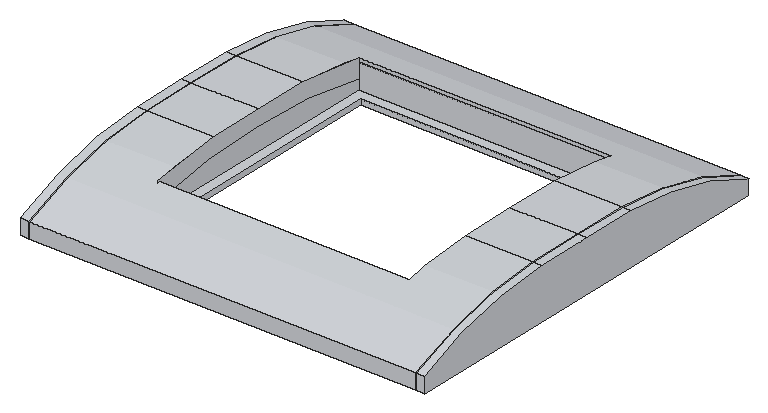
Revit family "Gira_100271", category Electrical Fixtures, host Face, Revit 2017
Family settings
  Host = Face
  Maintain Annotation Orientation = No
  Round Connector Dimension = Use Diameter
  Part Type = Normal
  Cut with Voids When Loaded = No
  Shared = No
  Room Calculation Point = No
Parameters (values of type "Cov.fr. 2-g w/o cb interm.fr. C Alu Gira Event p.white m")
  With mounting grid = "No"
  With hinged lid = "No"
  URL = "http://katalog.gira.de/en/datenblatt.html?artikelnr=100271"
  Type of fastening = "Clamp mounting"
  Transparent = "No"
  Surface protection = "Other"
  Suitable for wall duct = "No"
  Suitable for flush-mounted installation = "Yes"
  Suitable for floor box = "No"
  Suitable for built-in installation = "No"
  Number of units vertical = "2"
  Number of units horizontal = "2"
  Number of units = "2"
  Name = "Cov.fr. 2-g w/o cb interm.fr. C Alu Gira Event p.white m"
  Mounting direction = "Horizontal and vertical"
  Material quality = "Thermoplastic"
  Material = "Plastic"
  Manufacturer URL = "https://www.gira.de/"
  Manufacturer = "Gira"
  Label space/information surface = "No"
  Keynote = ""
  HeinzeBIM = "https://bimportal.heinze.de/bim/cov-fr-2-g-w-o-cb-interm-fr-c-alu-gira-event-p-white-m/b24f9a1b9ae8a05a4fe4311ed8a0c94c12e4c7f7"
  Halogen free = "Yes"
  HAN = "100271"
  GTIN = "4010337002710"
  Description = "Cov.fr.2g w o cb i.fr.CAl Event PWm,Gira Event frames,pure white matt with colour aluminium intermediate frame,2-gang without crossbar,Features:,- Shatter-proof."
  Degree of protection (IP) = "IP20"
  Default Elevation = 1219.2 mm
  Data sheet (1) = "https://katalog.gira.de/en/download.html?artikelnr=100271"
  Colour = "White"
  Category = "Cover frame for domestic switching devices"
  BIM (1) = "https://media.stage.bim.site/public/gira/36a6b08/Event_Rahmen_2fach o.Mittelsteg.rfa?public/gira/36a6b08/Event_Rahmen_2fach o.Mittelsteg.rfa"
  Available = "No"
Reference planes
  plane 1 "Center (Front/Back)": y = 0
  plane 2: z = 0
  plane 3 "Center (Left/Right)": x = 0
Forms (mm)
  Extrusion 1, solid, detail levels fine
    sketch origin (0, 0, 1.55) x (0, 1, 0) y (0, 0, 1)
      loop
        arc (12.445, 9.683) -> (6.223, 9.833) -> (0, 9.85) r 291.636
        arc (0, 9.85) -> (-6.223, 9.833) -> (-12.445, 9.683) r 291.636
        arc (-12.445, 9.683) -> (-29.14, 7.482) -> (-45, 1.823) r 79.728
        line (-45, 1.823) -> (-45, -1.55) -> (-41.777, -1.55) -> (-41.777, -0.55)
        arc (-41.777, -0.55) -> (-21.205, 4.846) -> (0, 6.467) r 118.15
        arc (0, 6.467) -> (21.205, 4.846) -> (41.777, -0.55) r 118.15
        line (41.777, -0.55) -> (41.777, -1.55) -> (45, -1.55) -> (45, 1.823)
        arc (45, 1.823) -> (29.14, 7.482) -> (12.445, 9.683) r 79.728
    from -43 to 43
  Extrusion 2, void, detail levels fine
    sketch origin (0, 0, 0) x (1, 0, 0) y (0, 1, 0)
      loop
        line (-28, -28) -> (28, -28) -> (28, 28) -> (-28, 28) -> (-28, -28)
    from 2.85 to 12
  Extrusion 3, solid, detail levels coarse
    sketch origin (0, 0, 0) x (1, 0, 0) y (0, 1, 0)
      loop
        line (-45, 45) -> (-45, -45) -> (45, -45) -> (45, 45) -> (-45, 45)
    from 0 to 11.4
  Extrusion 4, solid, detail levels medium
    sketch origin (0, 0, 1.55) x (0, 1, 0) y (0, 0, 1)
      loop
        arc (12.445, 9.683) -> (6.223, 9.833) -> (0, 9.85) r 291.636
        arc (0, 9.85) -> (-6.223, 9.833) -> (-12.445, 9.683) r 291.636
        arc (-12.445, 9.683) -> (-29.14, 7.482) -> (-45, 1.823) r 79.728
        line (-45, 1.823) -> (-45, -1.55) -> (45, -1.55) -> (45, 1.823)
        arc (45, 1.823) -> (29.14, 7.482) -> (12.445, 9.683) r 79.728
    from -45 to 45
  Extrusion 5, solid, detail levels fine
    sketch origin (0, 0, 0) x (0, 1, 0) y (0, 0, 1)
      loop
        arc (45, 3.373) -> (29.14, 9.032) -> (12.445, 11.233) r 79.728
        arc (12.445, 11.233) -> (6.223, 11.383) -> (0, 11.4) r 291.636
        arc (0, 11.4) -> (-6.223, 11.383) -> (-12.445, 11.233) r 291.636
        arc (-12.445, 11.233) -> (-29.14, 9.032) -> (-45, 3.373) r 79.728
        line (-45, 3.373) -> (-45, 0) -> (45, 0) -> (45, 3.373)
    from 43 to 45
  Extrusion 6, solid, detail levels fine
    sketch origin (0, 0, 0) x (0, 1, 0) y (0, 0, -1)
      loop
        line (45, -3.373) -> (45, 0) -> (-45, 0) -> (-45, -3.373)
        arc (-45, -3.373) -> (-29.14, -9.032) -> (-12.445, -11.233) r 79.728
        arc (-12.445, -11.233) -> (-6.223, -11.383) -> (0, -11.4) r 291.636
        arc (0, -11.4) -> (6.223, -11.383) -> (12.445, -11.233) r 291.636
        arc (12.445, -11.233) -> (29.14, -9.032) -> (45, -3.373) r 79.728
    from 43 to 45
  Extrusion 7, solid, detail levels fine
    sketch origin (0, 0, 0) x (1, 0, 0) y (0, 1, 0)
      loop
        line (-25.7, 25.7) -> (-25.7, -25.7) -> (25.7, -25.7) -> (25.7, 25.7) -> (-25.7, 25.7)
      loop
        line (-29.495, 27.895) -> (-29.495, -27.895)
        spline (-29.495, -27.895) -> (-29.486, -28.025) -> (-29.461, -28.154) -> (-29.419, -28.278) -> (-29.361, -28.395) -> (-29.288, -28.504) -> (-29.202, -28.602) -> (-29.104, -28.688) -> (-28.995, -28.761) -> (-28.878, -28.819) -> (-28.754, -28.861) -> (-28.625, -28.886) -> (-28.495, -28.895)
        line (-28.495, -28.895) -> (28.495, -28.895)
        spline (28.495, -28.895) -> (28.625, -28.886) -> (28.754, -28.861) -> (28.878, -28.819) -> (28.995, -28.761) -> (29.104, -28.688) -> (29.202, -28.602) -> (29.288, -28.504) -> (29.361, -28.395) -> (29.419, -28.278) -> (29.461, -28.154) -> (29.486, -28.025) -> (29.495, -27.895)
        line (29.495, -27.895) -> (29.495, 27.895)
        spline (29.495, 27.895) -> (29.486, 28.025) -> (29.461, 28.154) -> (29.419, 28.278) -> (29.361, 28.395) -> (29.288, 28.504) -> (29.202, 28.602) -> (29.104, 28.688) -> (28.995, 28.761) -> (28.878, 28.819) -> (28.754, 28.861) -> (28.625, 28.886) -> (28.495, 28.895)
        line (28.495, 28.895) -> (-28.495, 28.895)
        spline (-28.495, 28.895) -> (-28.625, 28.886) -> (-28.754, 28.861) -> (-28.878, 28.819) -> (-28.995, 28.761) -> (-29.104, 28.688) -> (-29.202, 28.602) -> (-29.288, 28.504) -> (-29.361, 28.395) -> (-29.419, 28.278) -> (-29.461, 28.154) -> (-29.486, 28.025) -> (-29.495, 27.895)
    from 1.673 to 8.5
Cuts and joins
  Extrusion 2 cuts Extrusion 1
  Extrusion 2 cuts Extrusion 7
Dimensions and locks
  aligned and locked: plane 2 to host face
  aligned and locked: level to host face
